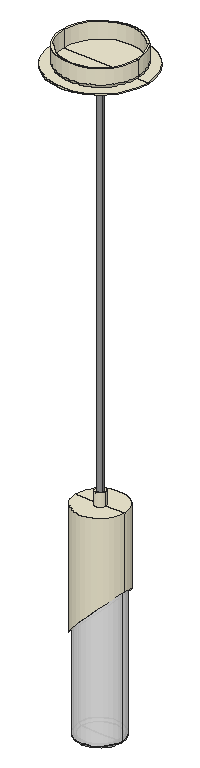
Revit family "3-668-xx - 37-668-xx - Ellipse (Pendant)", category Lighting Fixtures, host Ceiling, Revit 2018
Family settings
  Host = Ceiling
  Round Connector Dimension = Use Diameter
  Part Type = Normal
  OmniClass Number = 23.80.70.11
  OmniClass Title = Luminaries for Internal Lighting
  Always vertical = Yes
  Cut with Voids When Loaded = No
  Light Source = Yes
  Shared = No
  Room Calculation Point = No
Parameters (values of type "37-668-224 - Satin Nickel / Matte White Acrylic")
  Wattage Comments = "7.09 W at 120 V"  # constant formula
  Wattage = 7.09 W
  built-in parameter 1150110 = 1 (stored number, unit not read)
  Voltage = 277 V
  URL = "www.oxygenlighting.com"
  built-in parameter 1114217 = 1 (stored number, unit not read)
  Tilt Angle = 90.00°  # constant formula
  built-in parameter 1150109 = 1 (stored number, unit not read)
  built-in parameter 1150134 = (empty or 0)
  Suspension Length [instance] = 38.00"
  built-in parameter 1150113 = 1 (stored number, unit not read)
  Supplied with = "Supplied with 8 ft of braided cord"  # constant formula
  References [instance] = "Ref. 3 = 120 V / Ref. 37 = 277 V"  # constant formula
  Photometric Web File = "3-668-220 Ellipse Pendant with Acrylic Enclosure.ies"
  Other 1 = Braided Cord
  Model = "3-668-XX / 37-668-XX - Ellipse"  # constant formula
  Metal Finish = 24 - Satin Nickel
  Manufacturer = "Oxygen Lighting & Fans"  # constant formula
  Main Diffuser = Matte White Acrylic
  Lumens = 177.25 lm
  built-in parameter 1150115 = 1 (stored number, unit not read)
  built-in parameter 1150105 = 14.105 (stored number, unit not read)
  built-in parameter 1150137 = (empty or 0)
  built-in parameter 1150139 = (empty or 0)
  built-in parameter 1150112 = 1 (stored number, unit not read)
  built-in parameter 1150114 = 1 (stored number, unit not read)
  Lamp = "LED Array"  # constant formula
  Input Voltage [instance] = "120 V or 277 V 50/60 Hz"  # constant formula
  built-in parameter 1150132 = (empty or 0)
  built-in parameter 1150102 = (empty or 0)
  built-in parameter 1150138 = (empty or 0)
  built-in parameter 1150107 = 3000 (stored number, unit not read)
  built-in parameter 1150106 = 0.14105 (stored number, unit not read)
  Emit from Circle Diameter = 2.00"
  Emit Shape Visible in Rendering = no
  built-in parameter 1150104 = 2.3226 (stored number, unit not read)
  Dimming Lamp Color Temperature Shift = <None>
  Color Filter = 16777215
  built-in parameter 1114218 = 1 (stored number, unit not read)
  built-in parameter 1150133 = 10 (stored number, unit not read)
Types (13): name | Voltage | Photometric Web File | Metal Finish | Main Diffuser | Lumens | built-in parameter 1150105 | built-in parameter 1150106 | built-in parameter 1150104
  (no name) | 277 V | "3-668-220 Ellipse Pendant with Acrylic Enclosure.ies" | 24 - Satin Nickel | Matte White Acrylic | 177.25 lm | 14.105 (stored number, unit not read) | 0.14105 (stored number, unit not read) | 2.3226 (stored number, unit not read)
  3-668-115 - Black / White Opal Glass | 120 V | "3-668-124 Ellipse Pendant with Glass Enclosure.ies" | 15 - Black | White Opal Glass | 175.832 lm | 13.992 (stored number, unit not read) | 0.13992 (stored number, unit not read) | 2.304 (stored number, unit not read)
  3-668-215 - Black / Matte White Acrylic | 120 V | "3-668-220 Ellipse Pendant with Acrylic Enclosure.ies" | 15 - Black | Matte White Acrylic | 177.25 lm | 14.105 (stored number, unit not read) | 0.14105 (stored number, unit not read) | 2.3226 (stored number, unit not read)
  3-668-120 - Polished Nickel / White Opal Glass | 120 V | "3-668-124 Ellipse Pendant with Glass Enclosure.ies" | 20 - Polished Nickel | White Opal Glass | 175.832 lm | 13.992 (stored number, unit not read) | 0.13992 (stored number, unit not read) | 2.304 (stored number, unit not read)
  3-668-124 - Satin Nickel / White Opal Glass | 120 V | "3-668-124 Ellipse Pendant with Glass Enclosure.ies" | 24 - Satin Nickel | White Opal Glass | 175.832 lm | 13.992 (stored number, unit not read) | 0.13992 (stored number, unit not read) | 2.304 (stored number, unit not read)
  3-668-224 - Satin Nickel / Matte White Acrylic | 120 V | "3-668-220 Ellipse Pendant with Acrylic Enclosure.ies" | 24 - Satin Nickel | Matte White Acrylic | 177.25 lm | 14.105 (stored number, unit not read) | 0.14105 (stored number, unit not read) | 2.3226 (stored number, unit not read)
  3-668-220 - Polished Nickel / Matte White Acrylic | 120 V | "3-668-220 Ellipse Pendant with Acrylic Enclosure.ies" | 20 - Polished Nickel | Matte White Acrylic | 177.25 lm | 14.105 (stored number, unit not read) | 0.14105 (stored number, unit not read) | 2.3226 (stored number, unit not read)
  37-668-115 - Black / White Opal Glass | 277 V | "3-668-124 Ellipse Pendant with Glass Enclosure.ies" | 15 - Black | White Opal Glass | 175.832 lm | 13.992 (stored number, unit not read) | 0.13992 (stored number, unit not read) | 2.304 (stored number, unit not read)
  37-668-120 - Polished Nickel / White Opal Glass | 277 V | "3-668-124 Ellipse Pendant with Glass Enclosure.ies" | 20 - Polished Nickel | White Opal Glass | 175.832 lm | 13.992 (stored number, unit not read) | 0.13992 (stored number, unit not read) | 2.304 (stored number, unit not read)
  37-668-124 - Satin Nickel / White Opal Glass | 277 V | "3-668-124 Ellipse Pendant with Glass Enclosure.ies" | 24 - Satin Nickel | White Opal Glass | 175.832 lm | 13.992 (stored number, unit not read) | 0.13992 (stored number, unit not read) | 2.304 (stored number, unit not read)
  37-668-215 - Black / Matte White Acrylic | 277 V | "3-668-220 Ellipse Pendant with Acrylic Enclosure.ies" | 15 - Black | Matte White Acrylic | 177.25 lm | 14.105 (stored number, unit not read) | 0.14105 (stored number, unit not read) | 2.3226 (stored number, unit not read)
  37-668-220 - Polished Nickel / Matte White Acrylic | 277 V | "3-668-220 Ellipse Pendant with Acrylic Enclosure.ies" | 20 - Polished Nickel | Matte White Acrylic | 177.25 lm | 14.105 (stored number, unit not read) | 0.14105 (stored number, unit not read) | 2.3226 (stored number, unit not read)
  37-668-224 - Satin Nickel / Matte White Acrylic | 277 V | "3-668-220 Ellipse Pendant with Acrylic Enclosure.ies" | 24 - Satin Nickel | Matte White Acrylic | 177.25 lm | 14.105 (stored number, unit not read) | 0.14105 (stored number, unit not read) | 2.3226 (stored number, unit not read)
Reference planes (in)
  plane 1 "Light Source Axis (F/B)": y = 0
  plane 2 "Ceiling": z = 96
  plane 3 "Light Source Axis (L/R)": x = 0
  plane 4 "Light Source Elevation": z = 60
  plane 5 "Suspension Length": z = 58
Forms (in)
  Revolve 1, solid, material "Braided Cord" <- "Other 1"
    sketch origin (0, 0, 0) x (1, 0, 0) y (0, 0, 1)
      loop
        line (-0.15748, 94.73091) -> (-0.15748, 71.4933) -> (0, 71.4933) -> (0, 94.73091) -> (-0.15748, 94.73091)
      axis (0, 94.73091) -> (0, 71.4933)
    angle from 0 to 360
Dimensions and locks (in)
  equal spacing: host sketch curve, plane 3 "Light Source Axis (L/R)", host sketch curve
  equal spacing: host sketch curve, plane 1 "Light Source Axis (F/B)", host sketch curve
  host sketch curve to host sketch curve = 120.00"  (x2)
  "Suspension Length": plane 2 "Ceiling" to plane 5 "Suspension Length"
  locked: plane 4 "Light Source Elevation" to plane 5 "Suspension Length" at 2
  locked: plane 5 "Suspension Length" to nested 2 at 12.74527
  aligned and locked: plane 3 "Light Source Axis (L/R)" to imposter light
  aligned and locked: plane 1 "Light Source Axis (F/B)" to imposter light
  aligned and locked: plane 4 "Light Source Elevation" to imposter light
  aligned and locked: nested 2 to imposter light
  aligned and locked: nested 2 to Revolve 1
  aligned and locked: plane 3 "Light Source Axis (L/R)" to nested 2
Automatic sketch dimensions
  Revolve 1 sketch curve to plane 3 "Light Source Axis (L/R)" = 0.00"  (x2)
  Revolve 1 sketch curve to plane 3 "Light Source Axis (L/R)" = 0.15748"
  Revolve 1 sketch curve to plane 2 "Ceiling" = 1.26909"
  plane 2 "Ceiling" to Revolve 1 sketch curve = 0.23091"
  Revolve 1 sketch curve to Revolve 1 sketch curve = 1.00"
  Revolve 1 sketch curve to plane 4 "Light Source Elevation" = 11.4933"
Nested families (in)
  nested 1: "Canopy" at (0, 0, 96), type "Canopy"
  nested 2: "Elipse 2.75 tall" at (0, 0, 71.4933), type "Elipse 2.75 tall"
Connectors (in)
  electrical at (0, 0, 96), driven by "Voltage"
    settings: on nested 1, index 1, voltage 277 V, apparent load 0 VA, apparent load phase1 0 VA, apparent load phase2 0 VA, apparent load phase3 0 VA, power factor 1, load classification "Other", number of poles 1, system type 31, power factor state 1, is connector primary yes, connector utility no, sub classification motor no, connector description ""
Definition of nested family "Canopy"
  Parameters (values of type "Canopy")
    Others 2 = none
    Others 1 = none
    Metal Finish = none
    Main Diffuser = none
    2nd Diffuser = none
  Reference planes (in)
    plane 1 "Center (Front/Back)": y = 0
    plane 2: z = 0
    plane 3 "Center (Left/Right)": x = 0
    plane 4 "Very Bottom": y = 0
  Forms (in)
    Revolve 1, solid, material <- "Metal Finish"
      sketch origin (0, 0, 0) x (1, 0, 0) y (0, 0, 1)
        loop
          line (2.3622, 0) -> (2.2622, 0) -> (2.2622, -0.96299) -> (0, -0.96299) -> (0, -1.26909) -> (0.2466, -1.26909) -> (0.2466, -1.87008) -> (0.37638, -1.87008) -> (0.37638, -1.06299) -> (2.20696, -1.06299)
          arc (2.20696, -1.06299) -> (2.31674, -1.01752) -> (2.3622, -0.90775) r 0.15524
          line (2.3622, -0.90775) -> (2.3622, 0)
        axis (0, 0) -> (0, -1.87008)
      angle from 0 to 360
    Revolve 2, solid, material <- "Metal Finish"
      sketch origin (0, 0, 0) x (1, 0, 0) y (0, 0, 1)
        loop
          line (0.45678, -1.06299) -> (0.45678, -1.12549) -> (2.95276, -1.12549) -> (2.95276, -1.06299) -> (0.45678, -1.06299)
        axis (0, -1.06299) -> (0, -1.12549)
      angle from 0 to 360
  Lines and regions (in)
    model lines
      curve 1: line (-4, 0, 0) -> (4, 0, 0)
      curve 2: line (0, -4, 0) -> (0, 4, 0)
    symbolic lines
      curve 3: circle (0, 0, 0) r 2 normal (0, 0, 1)
    model lines, not visible
      curve 4: line (-13.0722, 21.77075, 0) -> (-5.0722, 21.77075, 0)
      curve 5: line (-9.0722, 17.77075, 0) -> (-9.0722, 25.77075, 0)
    symbolic lines, not visible
      curve 6: circle (-9.0722, 21.77075, 0) r 2 normal (0, 0, 1)
  Text (in)
    text "M.C." at (0.88973, 1.62995, 0), in view "Ref. Level"
    text "M.C." at (-8.18247, 23.4007, 0), in view "Ref. Level", not visible
  Dimensions and locks (in)
    aligned and locked: plane 2 to level
Definition of nested family "Elipse 2.75 tall"
  Parameters (values of type "Elipse 2.75 tall")
    Others 2 = none
    Others 1 = none
    Metal Finish = none
    Main Diffuser = none
    2nd Diffuser = none
  Reference planes (in)
    plane 1 "Center (Front/Back)": y = 0
    plane 2: z = 0
    plane 3 "Center (Left/Right)": x = 0
    plane 4 "Very Bottom": y = 0
  Forms (in)
    Revolve 1, solid, material <- "Metal Finish"
      sketch origin (0, 0, 0) x (1, 0, 0) y (0, 0, 1)
        loop
          line (0, 0) -> (-0.31496, 0) -> (-0.31496, -0.74803) -> (-1.49606, -0.74803) -> (-1.49606, -8.11024) -> (-1.38606, -8.11024) -> (-1.38606, -0.86024) -> (-0.22578, -0.86024) -> (-0.22578, -0.07759) -> (0, -0.07759) -> (0, 0)
        axis (0, 0) -> (0, -8.11024)
      angle from 0 to 360
    Revolve 2, solid, material <- "Main Diffuser"
      sketch origin (0, 0, 0) x (1, 0, 0) y (0, 0, 1)
        loop
          line (-1.3861, -4.80934) -> (-1.3861, -13.35659)
          arc (-1.3861, -13.35659) -> (-1.34606, -13.45324) -> (-1.24941, -13.49328) r 0.13668
          line (-1.24941, -13.49328) -> (0, -13.49328) -> (0, -13.39328) -> (-1.14389, -13.39328)
          arc (-1.14389, -13.39328) -> (-1.24445, -13.35163) -> (-1.2861, -13.25107) r 0.14221
          line (-1.2861, -13.25107) -> (-1.2861, -4.80934) -> (-1.3861, -4.80934)
        axis (0, -4.80934) -> (0, -13.49328)
      angle from 0 to 360
    Extrusion 3, void
      sketch origin (0, 0, 0) x (1, 0, 0) y (0, 0, 1)
        loop
          line (-1.51169, -8.20399) -> (1.75394, -8.20399) -> (1.75394, -5.08482) -> (1.52939, -5.08482) -> (-1.51169, -8.1259) -> (-1.51169, -8.20399)
      from -2.54118 to 3.17931
  Cuts and joins
    Extrusion 3 cuts Revolve 1
  Lines and regions (in)
    model lines, not visible
      curve 1: line (-13.0722, 21.77075, 0) -> (-5.0722, 21.77075, 0)
      curve 2: line (-9.0722, 17.77075, 0) -> (-9.0722, 25.77075, 0)
    symbolic lines, not visible
      curve 3: circle (-9.0722, 21.77075, 0) r 2 normal (0, 0, 1)
  Text (in)
    text "M.C." at (-8.18247, 23.4007, 0), in view "Ref. Level", not visible
  Dimensions and locks (in)
    aligned and locked: plane 2 to level
    aligned and locked: plane 4 "Very Bottom" to plane 1 "Center (Front/Back)"
